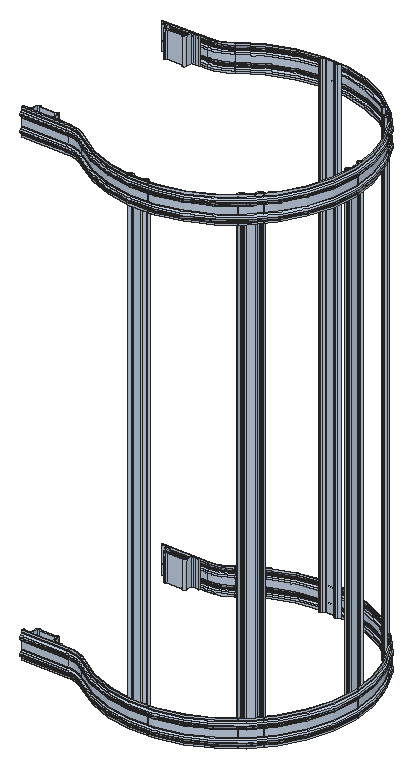
Revit family "EV_BACK PROTECTION_1857170", category Generic Models, Revit 2018
Family settings
  Can host rebar = No
  Round Connector Dimension = Use Diameter
  Part Type = Normal
  OmniClass Number = 35.51.14.00
  OmniClass Title = FORMWORK
  Work Plane-Based = Yes
  Always vertical = No
  Cut with Voids When Loaded = No
  Shared = Yes
  Room Calculation Point = No
Parameters
  VERSION = "20170217"  # constant formula
  URL = "www.ulmaconstruction.com/en"
  UNICLASS = ""
  Manufacturer = "ULMA CONSTRUCTION"  # constant formula
  ITEM_CODE = "1857170"
  FILTER [instance] = ""
  Default Elevation = 0.000 mm
  CLASSIFICATION_TITLE = ""
  CLASSIFICATION_NUMBER = ""
Reference planes
  plane 1 "Centro (Frontal/Posterior)": y = 0
  plane 2: z = 0
  plane 3 "Centro (Izquierda/Derecha)": x = 0
  plane 4 "Barrido": z = -100
Forms (mm)
  Sweep 1, solid, material "ULMA STEEL"
    path origin (0, 0, -100) x (0, -1, 0) y (1, 0, 0)
      loop
        line (0, -56.5) -> (0, 79.644)
        arc (0, 79.644) -> (5.591, 112.613) -> (21.739, 141.895) r 100
        arc (21.739, 141.895) -> (-260, 726) -> (-541.739, 141.895) r 360
        arc (-541.739, 141.895) -> (-525.591, 112.613) -> (-520, 79.644) r 100
        line (-520, 79.644) -> (-520, -56.5)
    profile origin (11.572, 0, -100) x (0, 1, 0) y (0, 0, 1)
      loop
        line (-3.879, -7.879) -> (-8.243, -12.243)
        arc (-8.243, -12.243) -> (-9.543, -14.189) -> (-10, -16.485) r 6
        line (-10, -16.485) -> (-10, -18.515)
        arc (-10, -18.515) -> (-9.543, -20.811) -> (-8.243, -22.757) r 6
        line (-8.243, -22.757) -> (-3.879, -27.121)
        arc (-3.879, -27.121) -> (-3.228, -28.095) -> (-3, -29.243) r 3
        line (-3, -29.243) -> (-3, -50.757)
        arc (-3, -50.757) -> (-3.228, -51.905) -> (-3.879, -52.879) r 3
        line (-3.879, -52.879) -> (-8.243, -57.243)
        arc (-8.243, -57.243) -> (-9.543, -59.189) -> (-10, -61.485) r 6
        line (-10, -61.485) -> (-10, -63.515)
        arc (-10, -63.515) -> (-9.543, -65.811) -> (-8.243, -67.757) r 6
        line (-8.243, -67.757) -> (-3.879, -72.121)
        arc (-3.879, -72.121) -> (-3.228, -73.095) -> (-3, -74.243) r 3
        line (-3, -74.243) -> (-3, -80) -> (0, -80) -> (0, -74.243)
        arc (0, -74.243) -> (-0.457, -71.947) -> (-1.757, -70) r 6
        line (-1.757, -70) -> (-6.121, -65.636)
        arc (-6.121, -65.636) -> (-6.772, -64.663) -> (-7, -63.515) r 3
        line (-7, -63.515) -> (-7, -61.485)
        arc (-7, -61.485) -> (-6.772, -60.337) -> (-6.121, -59.364) r 3
        line (-6.121, -59.364) -> (-1.757, -55)
        arc (-1.757, -55) -> (-0.457, -53.053) -> (0, -50.757) r 6
        line (0, -50.757) -> (0, -29.243)
        arc (0, -29.243) -> (-0.457, -26.947) -> (-1.757, -25) r 6
        line (-1.757, -25) -> (-6.121, -20.636)
        arc (-6.121, -20.636) -> (-6.772, -19.663) -> (-7, -18.515) r 3
        line (-7, -18.515) -> (-7, -16.485)
        arc (-7, -16.485) -> (-6.772, -15.337) -> (-6.121, -14.364) r 3
        line (-6.121, -14.364) -> (-1.757, -10)
        arc (-1.757, -10) -> (-0.457, -8.053) -> (0, -5.757) r 6
        line (0, -5.757) -> (0, 0) -> (-3, 0) -> (-3, -5.757)
        arc (-3, -5.757) -> (-3.228, -6.905) -> (-3.879, -7.879) r 3
  Extrusion 2, solid, material "ULMA STEEL"
    sketch origin (0, 0, -100) x (0, -1, 0) y (1, 0, 0)
      loop
        arc (-611.757, 338.243) -> (-610.457, 340.189) -> (-610, 342.485) r 6
        line (-610, 342.485) -> (-610, 344.515)
        arc (-610, 344.515) -> (-610.457, 346.811) -> (-611.757, 348.757) r 6
        line (-611.757, 348.757) -> (-616.121, 353.121)
        arc (-616.121, 353.121) -> (-616.772, 354.095) -> (-617, 355.243) r 3
        line (-617, 355.243) -> (-617, 376.757)
        arc (-617, 376.757) -> (-616.772, 377.905) -> (-616.121, 378.879) r 3
        line (-616.121, 378.879) -> (-611.757, 383.243)
        arc (-611.757, 383.243) -> (-610.457, 385.189) -> (-610, 387.485) r 6
        line (-610, 387.485) -> (-610, 389.515)
        arc (-610, 389.515) -> (-610.457, 391.811) -> (-611.757, 393.757) r 6
        line (-611.757, 393.757) -> (-617, 399) -> (-619.121, 396.879) -> (-613.879, 391.636)
        arc (-613.879, 391.636) -> (-613.228, 390.663) -> (-613, 389.515) r 3
        line (-613, 389.515) -> (-613, 387.485)
        arc (-613, 387.485) -> (-613.228, 386.337) -> (-613.879, 385.364) r 3
        line (-613.879, 385.364) -> (-618.243, 381)
        arc (-618.243, 381) -> (-619.543, 379.053) -> (-620, 376.757) r 6
        line (-620, 376.757) -> (-620, 355.243)
        arc (-620, 355.243) -> (-619.543, 352.947) -> (-618.243, 351) r 6
        line (-618.243, 351) -> (-613.879, 346.636)
        arc (-613.879, 346.636) -> (-613.228, 345.663) -> (-613, 344.515) r 3
        line (-613, 344.515) -> (-613, 342.485)
        arc (-613, 342.485) -> (-613.228, 341.337) -> (-613.879, 340.364) r 3
        line (-613.879, 340.364) -> (-619.121, 335.121) -> (-617, 333) -> (-611.757, 338.243)
      loop
        arc (-496.538, 626.922) -> (-494.242, 627.379) -> (-492.295, 628.68) r 6
        line (-492.295, 628.68) -> (-490.86, 630.115)
        arc (-490.86, 630.115) -> (-489.559, 632.061) -> (-489.103, 634.357) r 6
        line (-489.103, 634.357) -> (-489.103, 641.772) -> (-492.103, 641.772) -> (-492.103, 634.357)
        arc (-492.103, 634.357) -> (-492.331, 633.209) -> (-492.981, 632.236) r 3
        line (-492.981, 632.236) -> (-494.416, 630.801)
        arc (-494.416, 630.801) -> (-495.39, 630.151) -> (-496.538, 629.922) r 3
        line (-496.538, 629.922) -> (-502.709, 629.922)
        arc (-502.709, 629.922) -> (-505.005, 629.466) -> (-506.952, 628.165) r 6
        line (-506.952, 628.165) -> (-522.165, 612.952)
        arc (-522.165, 612.952) -> (-523.466, 611.005) -> (-523.922, 608.709) r 6
        line (-523.922, 608.709) -> (-523.922, 602.538)
        arc (-523.922, 602.538) -> (-524.151, 601.39) -> (-524.801, 600.416) r 3
        line (-524.801, 600.416) -> (-526.236, 598.981)
        arc (-526.236, 598.981) -> (-527.209, 598.331) -> (-528.357, 598.103) r 3
        line (-528.357, 598.103) -> (-535.772, 598.103) -> (-535.772, 595.103) -> (-528.357, 595.103)
        arc (-528.357, 595.103) -> (-526.061, 595.559) -> (-524.115, 596.86) r 6
        line (-524.115, 596.86) -> (-522.68, 598.295)
        arc (-522.68, 598.295) -> (-521.379, 600.242) -> (-520.922, 602.538) r 6
        line (-520.922, 602.538) -> (-520.922, 608.709)
        arc (-520.922, 608.709) -> (-520.694, 609.857) -> (-520.044, 610.831) r 3
        line (-520.044, 610.831) -> (-504.831, 626.044)
        arc (-504.831, 626.044) -> (-503.857, 626.694) -> (-502.709, 626.922) r 3
        line (-502.709, 626.922) -> (-496.538, 626.922)
      loop
        arc (-281.485, 716) -> (-279.189, 716.457) -> (-277.243, 717.757) r 6
        line (-277.243, 717.757) -> (-272.879, 722.121)
        arc (-272.879, 722.121) -> (-271.905, 722.772) -> (-270.757, 723) r 3
        line (-270.757, 723) -> (-249.243, 723)
        arc (-249.243, 723) -> (-248.095, 722.772) -> (-247.121, 722.121) r 3
        line (-247.121, 722.121) -> (-242.757, 717.757)
        arc (-242.757, 717.757) -> (-240.811, 716.457) -> (-238.515, 716) r 6
        line (-238.515, 716) -> (-236.485, 716)
        arc (-236.485, 716) -> (-234.189, 716.457) -> (-232.243, 717.757) r 6
        line (-232.243, 717.757) -> (-227, 723) -> (-229.121, 725.121) -> (-234.364, 719.879)
        arc (-234.364, 719.879) -> (-235.337, 719.228) -> (-236.485, 719) r 3
        line (-236.485, 719) -> (-238.515, 719)
        arc (-238.515, 719) -> (-239.663, 719.228) -> (-240.636, 719.879) r 3
        line (-240.636, 719.879) -> (-245, 724.243)
        arc (-245, 724.243) -> (-246.947, 725.543) -> (-249.243, 726) r 6
        line (-249.243, 726) -> (-270.757, 726)
        arc (-270.757, 726) -> (-273.053, 725.543) -> (-275, 724.243) r 6
        line (-275, 724.243) -> (-279.364, 719.879)
        arc (-279.364, 719.879) -> (-280.337, 719.228) -> (-281.485, 719) r 3
        line (-281.485, 719) -> (-283.515, 719)
        arc (-283.515, 719) -> (-284.663, 719.228) -> (-285.636, 719.879) r 3
        line (-285.636, 719.879) -> (-290.879, 725.121) -> (-293, 723) -> (-287.757, 717.757)
        arc (-287.757, 717.757) -> (-285.811, 716.457) -> (-283.515, 716) r 6
        line (-283.515, 716) -> (-281.485, 716)
      loop
        arc (-30.897, 634.357) -> (-30.441, 632.061) -> (-29.14, 630.115) r 6
        line (-29.14, 630.115) -> (-27.705, 628.68)
        arc (-27.705, 628.68) -> (-25.758, 627.379) -> (-23.462, 626.922) r 6
        line (-23.462, 626.922) -> (-17.291, 626.922)
        arc (-17.291, 626.922) -> (-16.143, 626.694) -> (-15.169, 626.044) r 3
        line (-15.169, 626.044) -> (0.044, 610.831)
        arc (0.044, 610.831) -> (0.694, 609.857) -> (0.922, 608.709) r 3
        line (0.922, 608.709) -> (0.922, 602.538)
        arc (0.922, 602.538) -> (1.379, 600.242) -> (2.68, 598.295) r 6
        line (2.68, 598.295) -> (4.115, 596.86)
        arc (4.115, 596.86) -> (6.061, 595.559) -> (8.357, 595.103) r 6
        line (8.357, 595.103) -> (15.772, 595.103) -> (15.772, 598.103) -> (8.357, 598.103)
        arc (8.357, 598.103) -> (7.209, 598.331) -> (6.236, 598.981) r 3
        line (6.236, 598.981) -> (4.801, 600.416)
        arc (4.801, 600.416) -> (4.151, 601.39) -> (3.922, 602.538) r 3
        line (3.922, 602.538) -> (3.922, 608.709)
        arc (3.922, 608.709) -> (3.466, 611.005) -> (2.165, 612.952) r 6
        line (2.165, 612.952) -> (-13.048, 628.165)
        arc (-13.048, 628.165) -> (-14.995, 629.466) -> (-17.291, 629.922) r 6
        line (-17.291, 629.922) -> (-23.462, 629.922)
        arc (-23.462, 629.922) -> (-24.61, 630.151) -> (-25.584, 630.801) r 3
        line (-25.584, 630.801) -> (-27.019, 632.236)
        arc (-27.019, 632.236) -> (-27.669, 633.209) -> (-27.897, 634.357) r 3
        line (-27.897, 634.357) -> (-27.897, 641.772) -> (-30.897, 641.772) -> (-30.897, 634.357)
      loop
        arc (90, 387.485) -> (90.457, 385.189) -> (91.757, 383.243) r 6
        line (91.757, 383.243) -> (96.121, 378.879)
        arc (96.121, 378.879) -> (96.772, 377.905) -> (97, 376.757) r 3
        line (97, 376.757) -> (97, 355.243)
        arc (97, 355.243) -> (96.772, 354.095) -> (96.121, 353.121) r 3
        line (96.121, 353.121) -> (91.757, 348.757)
        arc (91.757, 348.757) -> (90.457, 346.811) -> (90, 344.515) r 6
        line (90, 344.515) -> (90, 342.485)
        arc (90, 342.485) -> (90.457, 340.189) -> (91.757, 338.243) r 6
        line (91.757, 338.243) -> (97, 333) -> (99.121, 335.121) -> (93.879, 340.364)
        arc (93.879, 340.364) -> (93.228, 341.337) -> (93, 342.485) r 3
        line (93, 342.485) -> (93, 344.515)
        arc (93, 344.515) -> (93.228, 345.663) -> (93.879, 346.636) r 3
        line (93.879, 346.636) -> (98.243, 351)
        arc (98.243, 351) -> (99.543, 352.947) -> (100, 355.243) r 6
        line (100, 355.243) -> (100, 376.757)
        arc (100, 376.757) -> (99.543, 379.053) -> (98.243, 381) r 6
        line (98.243, 381) -> (93.879, 385.364)
        arc (93.879, 385.364) -> (93.228, 386.337) -> (93, 387.485) r 3
        line (93, 387.485) -> (93, 389.515)
        arc (93, 389.515) -> (93.228, 390.663) -> (93.879, 391.636) r 3
        line (93.879, 391.636) -> (99.121, 396.879) -> (97, 399) -> (91.757, 393.757)
        arc (91.757, 393.757) -> (90.457, 391.811) -> (90, 389.515) r 6
        line (90, 389.515) -> (90, 387.485)
    from -1480 to 0
  Sweep 3, solid, material "ULMA STEEL"
    path origin (0, 0, -1500) x (0, -1, 0) y (1, 0, 0)
      loop
        line (0, -56.5) -> (0, 79.644)
        arc (0, 79.644) -> (5.591, 112.613) -> (21.739, 141.895) r 100
        arc (21.739, 141.895) -> (-260, 726) -> (-541.739, 141.895) r 360
        arc (-541.739, 141.895) -> (-525.591, 112.613) -> (-520, 79.644) r 100
        line (-520, 79.644) -> (-520, -56.5)
    profile origin (11.572, 0, -1500) x (0, 1, 0) y (0, 0, 1)
      loop
        line (-3.879, -7.879) -> (-8.243, -12.243)
        arc (-8.243, -12.243) -> (-9.543, -14.189) -> (-10, -16.485) r 6
        line (-10, -16.485) -> (-10, -18.515)
        arc (-10, -18.515) -> (-9.543, -20.811) -> (-8.243, -22.757) r 6
        line (-8.243, -22.757) -> (-3.879, -27.121)
        arc (-3.879, -27.121) -> (-3.228, -28.095) -> (-3, -29.243) r 3
        line (-3, -29.243) -> (-3, -50.757)
        arc (-3, -50.757) -> (-3.228, -51.905) -> (-3.879, -52.879) r 3
        line (-3.879, -52.879) -> (-8.243, -57.243)
        arc (-8.243, -57.243) -> (-9.543, -59.189) -> (-10, -61.485) r 6
        line (-10, -61.485) -> (-10, -63.515)
        arc (-10, -63.515) -> (-9.543, -65.811) -> (-8.243, -67.757) r 6
        line (-8.243, -67.757) -> (-3.879, -72.121)
        arc (-3.879, -72.121) -> (-3.228, -73.095) -> (-3, -74.243) r 3
        line (-3, -74.243) -> (-3, -80) -> (0, -80) -> (0, -74.243)
        arc (0, -74.243) -> (-0.457, -71.947) -> (-1.757, -70) r 6
        line (-1.757, -70) -> (-6.121, -65.636)
        arc (-6.121, -65.636) -> (-6.772, -64.663) -> (-7, -63.515) r 3
        line (-7, -63.515) -> (-7, -61.485)
        arc (-7, -61.485) -> (-6.772, -60.337) -> (-6.121, -59.364) r 3
        line (-6.121, -59.364) -> (-1.757, -55)
        arc (-1.757, -55) -> (-0.457, -53.053) -> (0, -50.757) r 6
        line (0, -50.757) -> (0, -29.243)
        arc (0, -29.243) -> (-0.457, -26.947) -> (-1.757, -25) r 6
        line (-1.757, -25) -> (-6.121, -20.636)
        arc (-6.121, -20.636) -> (-6.772, -19.663) -> (-7, -18.515) r 3
        line (-7, -18.515) -> (-7, -16.485)
        arc (-7, -16.485) -> (-6.772, -15.337) -> (-6.121, -14.364) r 3
        line (-6.121, -14.364) -> (-1.757, -10)
        arc (-1.757, -10) -> (-0.457, -8.053) -> (0, -5.757) r 6
        line (0, -5.757) -> (0, 0) -> (-3, 0) -> (-3, -5.757)
        arc (-3, -5.757) -> (-3.228, -6.905) -> (-3.879, -7.879) r 3
  Extrusion 4, solid, material "ULMA STEEL"
    sketch origin (0, 0, -100) x (0, -1, 0) y (1, 0, 0)
      loop
        line (0, 56.5) -> (-3, 56.5) -> (-3, 46.5) -> (-3, 36.5)
        arc (-3, 36.5) -> (-3.879, 34.379) -> (-6, 33.5) r 3
        line (-6, 33.5) -> (-20.5, 33.5)
        arc (-20.5, 33.5) -> (-25.787, 30.337) -> (-25.5, 24.183) r 6
        arc (-25.5, 24.183) -> (-25.128, 23.391) -> (-25, 22.525) r 3
        line (-25, 22.525) -> (-25, -22.525)
        arc (-25, -22.525) -> (-25.128, -23.391) -> (-25.5, -24.183) r 3
        arc (-25.5, -24.183) -> (-25.787, -30.337) -> (-20.5, -33.5) r 6
        line (-20.5, -33.5) -> (-6, -33.5)
        arc (-6, -33.5) -> (-3.879, -34.379) -> (-3, -36.5) r 3
        line (-3, -36.5) -> (-3, -46.5) -> (-3, -56.5) -> (0, -56.5) -> (0, -46.5) -> (0, -36.5)
        arc (0, -36.5) -> (-1.757, -32.257) -> (-6, -30.5) r 6
        line (-6, -30.5) -> (-20.5, -30.5)
        arc (-20.5, -30.5) -> (-23.143, -28.919) -> (-23, -25.842) r 3
        arc (-23, -25.842) -> (-22.255, -24.257) -> (-22, -22.525) r 6
        line (-22, -22.525) -> (-22, 22.525)
        arc (-22, 22.525) -> (-22.255, 24.257) -> (-23, 25.842) r 6
        arc (-23, 25.842) -> (-23.143, 28.919) -> (-20.5, 30.5) r 3
        line (-20.5, 30.5) -> (-6, 30.5)
        arc (-6, 30.5) -> (-1.757, 32.257) -> (0, 36.5) r 6
        line (0, 36.5) -> (0, 46.5) -> (0, 56.5)
      loop
        line (-517, 46.5) -> (-517, 56.5) -> (-520, 56.5) -> (-520, 46.5) -> (-520, 36.5)
        arc (-520, 36.5) -> (-518.243, 32.257) -> (-514, 30.5) r 6
        line (-514, 30.5) -> (-499.5, 30.5)
        arc (-499.5, 30.5) -> (-496.857, 28.919) -> (-497, 25.842) r 3
        arc (-497, 25.842) -> (-497.745, 24.257) -> (-498, 22.525) r 6
        line (-498, 22.525) -> (-498, -22.525)
        arc (-498, -22.525) -> (-497.745, -24.257) -> (-497, -25.842) r 6
        arc (-497, -25.842) -> (-496.857, -28.919) -> (-499.5, -30.5) r 3
        line (-499.5, -30.5) -> (-514, -30.5)
        arc (-514, -30.5) -> (-518.243, -32.257) -> (-520, -36.5) r 6
        line (-520, -36.5) -> (-520, -46.5) -> (-520, -56.5) -> (-517, -56.5) -> (-517, -46.5) -> (-517, -36.5)
        arc (-517, -36.5) -> (-516.121, -34.379) -> (-514, -33.5) r 3
        line (-514, -33.5) -> (-499.5, -33.5)
        arc (-499.5, -33.5) -> (-494.213, -30.337) -> (-494.5, -24.183) r 6
        arc (-494.5, -24.183) -> (-494.872, -23.391) -> (-495, -22.525) r 3
        line (-495, -22.525) -> (-495, 22.525)
        arc (-495, 22.525) -> (-494.872, 23.391) -> (-494.5, 24.183) r 3
        arc (-494.5, 24.183) -> (-494.213, 30.337) -> (-499.5, 33.5) r 6
        line (-499.5, 33.5) -> (-514, 33.5)
        arc (-514, 33.5) -> (-516.121, 34.379) -> (-517, 36.5) r 3
        line (-517, 36.5) -> (-517, 46.5)
    from -80 to 0
  Extrusion 5, solid, material "ULMA STEEL"
    sketch origin (0, 0, -1500) x (0, -1, 0) y (1, 0, 0)
      loop
        line (0, 56.5) -> (-3, 56.5) -> (-3, 46.5) -> (-3, 36.5)
        arc (-3, 36.5) -> (-3.879, 34.379) -> (-6, 33.5) r 3
        line (-6, 33.5) -> (-20.5, 33.5)
        arc (-20.5, 33.5) -> (-25.787, 30.337) -> (-25.5, 24.183) r 6
        arc (-25.5, 24.183) -> (-25.128, 23.391) -> (-25, 22.525) r 3
        line (-25, 22.525) -> (-25, -22.525)
        arc (-25, -22.525) -> (-25.128, -23.391) -> (-25.5, -24.183) r 3
        arc (-25.5, -24.183) -> (-25.787, -30.337) -> (-20.5, -33.5) r 6
        line (-20.5, -33.5) -> (-6, -33.5)
        arc (-6, -33.5) -> (-3.879, -34.379) -> (-3, -36.5) r 3
        line (-3, -36.5) -> (-3, -46.5) -> (-3, -56.5) -> (0, -56.5) -> (0, -46.5) -> (0, -36.5)
        arc (0, -36.5) -> (-1.757, -32.257) -> (-6, -30.5) r 6
        line (-6, -30.5) -> (-20.5, -30.5)
        arc (-20.5, -30.5) -> (-23.143, -28.919) -> (-23, -25.842) r 3
        arc (-23, -25.842) -> (-22.255, -24.257) -> (-22, -22.525) r 6
        line (-22, -22.525) -> (-22, 22.525)
        arc (-22, 22.525) -> (-22.255, 24.257) -> (-23, 25.842) r 6
        arc (-23, 25.842) -> (-23.143, 28.919) -> (-20.5, 30.5) r 3
        line (-20.5, 30.5) -> (-6, 30.5)
        arc (-6, 30.5) -> (-1.757, 32.257) -> (0, 36.5) r 6
        line (0, 36.5) -> (0, 46.5) -> (0, 56.5)
      loop
        line (-517, 46.5) -> (-517, 56.5) -> (-520, 56.5) -> (-520, 46.5) -> (-520, 36.5)
        arc (-520, 36.5) -> (-518.243, 32.257) -> (-514, 30.5) r 6
        line (-514, 30.5) -> (-499.5, 30.5)
        arc (-499.5, 30.5) -> (-496.857, 28.919) -> (-497, 25.842) r 3
        arc (-497, 25.842) -> (-497.745, 24.257) -> (-498, 22.525) r 6
        line (-498, 22.525) -> (-498, -22.525)
        arc (-498, -22.525) -> (-497.745, -24.257) -> (-497, -25.842) r 6
        arc (-497, -25.842) -> (-496.857, -28.919) -> (-499.5, -30.5) r 3
        line (-499.5, -30.5) -> (-514, -30.5)
        arc (-514, -30.5) -> (-518.243, -32.257) -> (-520, -36.5) r 6
        line (-520, -36.5) -> (-520, -46.5) -> (-520, -56.5) -> (-517, -56.5) -> (-517, -46.5) -> (-517, -36.5)
        arc (-517, -36.5) -> (-516.121, -34.379) -> (-514, -33.5) r 3
        line (-514, -33.5) -> (-499.5, -33.5)
        arc (-499.5, -33.5) -> (-494.213, -30.337) -> (-494.5, -24.183) r 6
        arc (-494.5, -24.183) -> (-494.872, -23.391) -> (-495, -22.525) r 3
        line (-495, -22.525) -> (-495, 22.525)
        arc (-495, 22.525) -> (-494.872, 23.391) -> (-494.5, 24.183) r 3
        arc (-494.5, 24.183) -> (-494.213, 30.337) -> (-499.5, 33.5) r 6
        line (-499.5, 33.5) -> (-514, 33.5)
        arc (-514, 33.5) -> (-516.121, 34.379) -> (-517, 36.5) r 3
        line (-517, 36.5) -> (-517, 46.5)
    from -80 to 0
Dimensions and locks
  aligned and locked: level to plane 2
